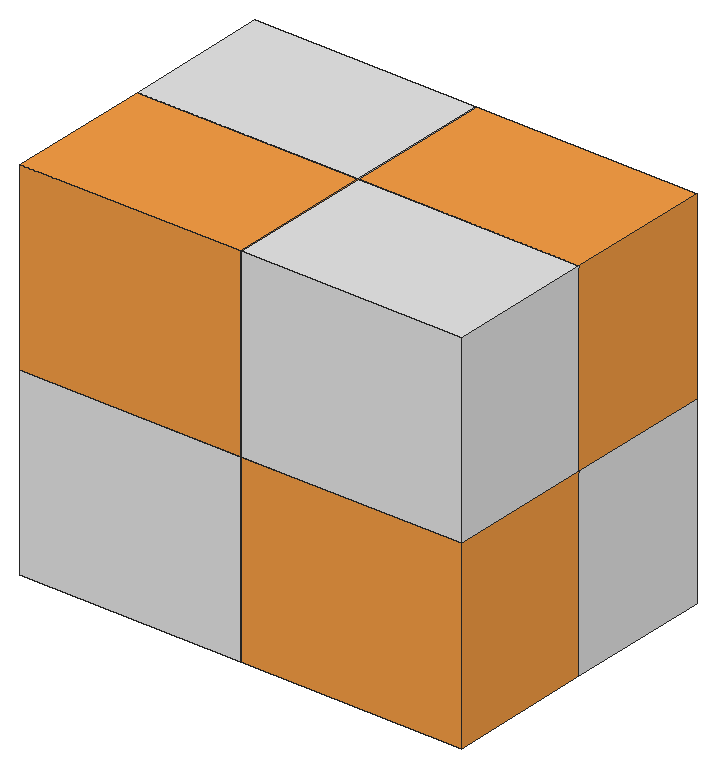
Revit family "DBU_GM_UN_Opening-SymbolicRectangular-MEPcontent_gen_BERSnl", category Generic Models, Revit 2022
Family settings
  Can host rebar = No
  Round Connector Dimension = Use Diameter
  Part Type = Normal
  Work Plane-Based = No
  Always vertical = No
  Cut with Voids When Loaded = No
  Maintain Annotation Orientation = No
  Shared = No
  Room Calculation Point = No
Parameters (values of type "Wall")
  Wall = yes
  Response [instance] = if(DBU_OpeningStatus = 0, "Request", if(DBU_OpeningStatus = 1, "Declined", if(DBU_OpeningStatus = 2, "Approved", if(DBU_OpeningStatus = 3, "Approved Drilling", if(DBU_OpeningStatus = 4, "On Hold", if(DBU_OpeningStatus = 5, "Executed", "Invalid"))))))  # "Request"
  Request [instance] = DBU_OpeningStatus = 0  # yes
  On Hold [instance] = DBU_OpeningStatus = 3  # no
  Not Drilling [instance] = yes
  Floor = not(Wall)  # no
  Execution Type [instance] = if(Not Drilling, "Not Drilling", "Drilling")  # "Not Drilling"
  Executed [instance] = DBU_OpeningStatus = 4  # no
  Drilling [instance] = not(Not Drilling)  # no
  Default Elevation = 0 mm
  Declined [instance] = DBU_OpeningStatus = 1  # no
  DBU_OpeningStatus [instance] = 0
  DBU_CTE_Zone [instance] = ""
  DBU_CTE_Z Value - Top [instance] = ""
  DBU_CTE_Z Value - Center [instance] = ""
  DBU_CTE_Z Coordinate Value [instance] = ""
  DBU_CTE_Opening Host Link [instance] = ""
  DBU_CTE_Opening Host Element [instance] = ""
  DBU_CTE_Opening Host Category [instance] = ""
  DBU_CTE_Level [instance] = ""
  DBU_CTE_ID [instance] = ""
  DBU_CTE_Discipline [instance] = ""
  DBU_CTE_Classificatie [instance] = ""
  DBU_CTE_BuildingPart [instance] = ""
  DBU_CLE_Width [instance] = 1200 mm
  DBU_CLE_Height [instance] = 1000 mm
  DBU_CLE_Depth [instance] = 800 mm
  Approved [instance] = DBU_OpeningStatus = 2  # no
Types (2, lengths in mm): name | Wall | Floor | DBU_CLE_Width | DBU_CLE_Height | DBU_CLE_Depth
  Floor | no | yes | 200 | 500 | 300
  Wall | yes | no | 1200 | 1000 | 800
Reference planes
  plane 1 "Center (Front/Back)": y = 0
  plane 2: z = 0
  plane 3 "Center (Left/Right)": x = 0
  plane 4: z = -500
  plane 5: z = -1000
Lines and regions (mm)
  model lines, style "InvisibleLines"
    curve 1: line (0, 0, -3326.002) -> (0, 0, 2500)
Dimensions and locks
  "DBU_CLE_Height": level to plane 5
  equal spacing: level, plane 4, plane 5
  aligned and locked: level to plane 2
  aligned and locked: curve 1 to plane 1 "Center (Front/Back)"
  aligned and locked: nested 2 to plane 3 "Center (Left/Right)"
  aligned and locked: plane 3 "Center (Left/Right)" to nested 3
  aligned and locked: nested 3 to plane 1 "Center (Front/Back)"
  aligned and locked: plane 3 "Center (Left/Right)" to nested 7
  aligned and locked: plane 1 "Center (Front/Back)" to nested 7
  aligned and locked: nested 8 to plane 3 "Center (Left/Right)"
  aligned and locked: nested 8 to plane 4
Automatic sketch dimensions
  curve 1 to plane 3 "Center (Left/Right)" = 0 mm
  curve 1 to plane 5 = 2326.002 mm
  level to curve 1 = 2500 mm
Nested families
  nested 1: "DBU_OpeningRectangular-Wall" at (0, 0, 0), Depth <- "DBU_CLE_Depth", Height <- "DBU_CLE_Height", Width <- "DBU_CLE_Width", visible <- "Wall", type "Wall"
    with Width 1200 mm, Request yes, RecessNeutral Color RGB 230-230-230, RecessDisplayMaterial none, OnHold no, Height 1000 mm, Executed no, Depth 800 mm, Declined no, ConstructorStatus 0, Approved no
  nested 2: "DBU_OpeningRectangular-Floor" at (0, 0, 0), Depth <- "DBU_CLE_Depth", Height <- "DBU_CLE_Height", Width <- "DBU_CLE_Width", visible <- "Floor", type "Floor"
    with Width 1200 mm, Request yes, RecessNeutral Color RGB 230-230-230, RecessDisplayMaterial none, OnHold no, Height 1000 mm, Executed no, Depth 800 mm, Declined no, ConstructorStatus 0, Approved no
  nested 3: "DBU_00_DI_WB_Opening Detail_gen_BERSnl" at (0, 0, 0) x (0, 1, 0) z (0, 0, 1), Length <- "DBU_CLE_Depth", Width <- "DBU_CLE_Width", visible <- "Wall", type "DBU_00_DI_WB_Opening Detail_gen_BERSnl"
    with Width 1200 mm, Length 800 mm
  nested 4: "DBU_00_DI_WB_Opening Detail_gen_BERSnl" at (0, 0, -500) x (0, 1, 0) z (1, 0, 0), Length <- "DBU_CLE_Depth", Width <- "DBU_CLE_Height", visible <- "Wall", type "DBU_00_DI_WB_Opening Detail_gen_BERSnl"
    with Width 1000 mm, Length 800 mm
  nested 5: "DBU_00_DI_WB_Opening Detail_gen_BERSnl" at (0, 0, -400) x (0, 1, 0) z (1, 0, 0), Length <- "DBU_CLE_Height", Width <- "DBU_CLE_Depth", visible <- "Floor", type "DBU_00_DI_WB_Opening Detail_gen_BERSnl"
    with Width 800 mm, Length 1000 mm
  nested 6: "DBU_00_DI_WB_Opening Detail_gen_BERSnl" at (0, 0, -400) x (1, 0, 0) z (0, -1, 0), visible <- "Floor", Length <- "DBU_CLE_Width", Width <- "DBU_CLE_Depth", type "DBU_00_DI_WB_Opening Detail_gen_BERSnl"
    with Width 800 mm, Length 1200 mm
  nested 7: "DBU_00_DI_UN_Opening Aanzicht - Rechthoekig_gen_BERSnl" at (0, 0, 0), visible <- "Floor", Height <- "DBU_CLE_Height", Length <- "DBU_CLE_Width", type "DBU_00_DI_UN_Opening Aanzicht_gen_BERSnl"
    with OpeningOffset 60 mm, OffsetMidden 200 mm, Length 1200 mm, Height 1000 mm
  nested 8: "DBU_00_DI_UN_Opening Aanzicht - Rechthoekig_gen_BERSnl" at (0, 0, -500) x (1, 0, 0) z (0, -1, 0), Height <- "DBU_CLE_Height", Length <- "DBU_CLE_Width", visible <- "Wall", type "DBU_00_DI_UN_Opening Aanzicht_gen_BERSnl"
    with OpeningOffset 60 mm, OffsetMidden 200 mm, Length 1200 mm, Height 1000 mm
Definition of nested family "DBU_OpeningRectangular-Wall"
  Parameters (values of type "Wall")
    Width [instance] = 1915.454 mm
    Request [instance] = not(or(Declined, Approved, OnHold, Executed))  # yes
    RecessNeutral [instance] = none
    RecessDisplayMaterial [instance] = none
    OnHold [instance] = ConstructorStatus = 3  # no
    Height [instance] = 304.8 mm
    Executed [instance] = ConstructorStatus = 4  # no
    Depth [instance] = 1954.727 mm
    Default Elevation = 1219.2 mm
    Declined [instance] = ConstructorStatus = 1  # no
    ConstructorStatus [instance] = 0
    Approved [instance] = ConstructorStatus = 2  # no
  Reference planes
    plane 1 "Center (Front/Back)": y = 0
    plane 2: z = 0
    plane 3 "Center (Left/Right)": x = 0
    plane 4: y = 977.363
    plane 5: x = 957.727
    plane 6: y = -977.363
    plane 7: x = -957.727
    plane 8: z = -304.8
    plane 9: z = -152.4
  Forms (mm)
    Extrusion 1, solid, material <- "RecessNeutral"
      sketch origin (0, 0, 0) x (1, 0, 0) y (0, 1, 0)
        loop
          line (-957.727, 0) -> (-957.727, -977.363) -> (0, -977.363) -> (0, 0) -> (-957.727, 0)
      from -304.8 to -152.4
    Extrusion 2, solid, visible <- "Request"
      sketch origin (0, 0, 0) x (1, 0, 0) y (0, 1, 0)
        loop
          line (0, 0) -> (0, -977.363) -> (957.727, -977.363) -> (957.727, 0) -> (0, 0)
      from -304.8 to -152.4
    Extrusion 3, solid, visible <- "Request"
      sketch origin (0, 0, 0) x (1, 0, 0) y (0, 1, 0)
        loop
          line (-957.727, 0) -> (-957.727, -977.363) -> (0, -977.363) -> (0, 0) -> (-957.727, 0)
      from -152.4 to 0
    Extrusion 4, solid, material <- "RecessNeutral"
      sketch origin (0, 0, 0) x (1, 0, 0) y (0, 1, 0)
        loop
          line (0, 0) -> (0, -977.363) -> (957.727, -977.363) -> (957.727, 0) -> (0, 0)
      from -152.4 to 0
    Extrusion 5, solid, visible <- "Request"
      sketch origin (0, 0, 0) x (1, 0, 0) y (0, 1, 0)
        loop
          line (-957.727, 977.363) -> (-957.727, 0) -> (0, 0) -> (0, 977.363) -> (-957.727, 977.363)
      from -304.8 to -152.4
    Extrusion 6, solid, material <- "RecessNeutral"
      sketch origin (0, 0, 0) x (1, 0, 0) y (0, 1, 0)
        loop
          line (0, 977.363) -> (0, 0) -> (957.727, 0) -> (957.727, 977.363) -> (0, 977.363)
      from -304.8 to -152.4
    Extrusion 7, solid, material <- "RecessNeutral"
      sketch origin (0, 0, 0) x (1, 0, 0) y (0, 1, 0)
        loop
          line (-957.727, 977.363) -> (-957.727, 0) -> (0, 0) -> (0, 977.363) -> (-957.727, 977.363)
      from -152.4 to 0
    Extrusion 8, solid, visible <- "Request"
      sketch origin (0, 0, 0) x (1, 0, 0) y (0, 1, 0)
        loop
          line (0, 977.363) -> (0, 0) -> (957.727, 0) -> (957.727, 977.363) -> (0, 977.363)
      from -152.4 to 0
    Extrusion 9, solid, visible <- "Declined"
      sketch origin (0, 0, 0) x (1, 0, 0) y (0, 1, 0)
        loop
          line (0, 0) -> (0, -977.363) -> (957.727, -977.363) -> (957.727, 0) -> (0, 0)
      from -304.8 to -152.4
    Extrusion 10, solid, visible <- "Declined"
      sketch origin (0, 0, 0) x (1, 0, 0) y (0, 1, 0)
        loop
          line (-957.727, 0) -> (-957.727, -977.363) -> (0, -977.363) -> (0, 0) -> (-957.727, 0)
      from -152.4 to 0
    Extrusion 11, solid, visible <- "Declined"
      sketch origin (0, 0, 0) x (1, 0, 0) y (0, 1, 0)
        loop
          line (-957.727, 977.363) -> (-957.727, 0) -> (0, 0) -> (0, 977.363) -> (-957.727, 977.363)
      from -304.8 to -152.4
    Extrusion 12, solid, visible <- "Declined"
      sketch origin (0, 0, 0) x (1, 0, 0) y (0, 1, 0)
        loop
          line (0, 977.363) -> (0, 0) -> (957.727, 0) -> (957.727, 977.363) -> (0, 977.363)
      from -152.4 to 0
    Extrusion 13, solid, visible <- "Approved"
      sketch origin (0, 0, 0) x (1, 0, 0) y (0, 1, 0)
        loop
          line (-957.727, 0) -> (-957.727, -977.363) -> (0, -977.363) -> (0, 0) -> (-957.727, 0)
      from -152.4 to 0
    Extrusion 14, solid, visible <- "Approved"
      sketch origin (0, 0, 0) x (1, 0, 0) y (0, 1, 0)
        loop
          line (0, 977.363) -> (0, 0) -> (957.727, 0) -> (957.727, 977.363) -> (0, 977.363)
      from -152.4 to 0
    Extrusion 15, solid, visible <- "Approved"
      sketch origin (0, 0, 0) x (1, 0, 0) y (0, 1, 0)
        loop
          line (0, 0) -> (0, -977.363) -> (957.727, -977.363) -> (957.727, 0) -> (0, 0)
      from -304.8 to -152.4
    Extrusion 16, solid, visible <- "Approved"
      sketch origin (0, 0, 0) x (1, 0, 0) y (0, 1, 0)
        loop
          line (-957.727, 977.363) -> (-957.727, 0) -> (0, 0) -> (0, 977.363) -> (-957.727, 977.363)
      from -304.8 to -152.4
    Extrusion 17, solid, visible <- "OnHold"
      sketch origin (0, 0, 0) x (1, 0, 0) y (0, 1, 0)
        loop
          line (-957.727, 0) -> (-957.727, -977.363) -> (0, -977.363) -> (0, 0) -> (-957.727, 0)
      from -152.4 to 0
    Extrusion 18, solid, visible <- "OnHold"
      sketch origin (0, 0, 0) x (1, 0, 0) y (0, 1, 0)
        loop
          line (0, 977.363) -> (0, 0) -> (957.727, 0) -> (957.727, 977.363) -> (0, 977.363)
      from -152.4 to 0
    Extrusion 19, solid, visible <- "OnHold"
      sketch origin (0, 0, 0) x (1, 0, 0) y (0, 1, 0)
        loop
          line (0, 0) -> (0, -977.363) -> (957.727, -977.363) -> (957.727, 0) -> (0, 0)
      from -304.8 to -152.4
    Extrusion 20, solid, visible <- "OnHold"
      sketch origin (0, 0, 0) x (1, 0, 0) y (0, 1, 0)
        loop
          line (-957.727, 977.363) -> (-957.727, 0) -> (0, 0) -> (0, 977.363) -> (-957.727, 977.363)
      from -304.8 to -152.4
    Extrusion 21, solid, visible <- "Executed"
      sketch origin (0, 0, 0) x (1, 0, 0) y (0, 1, 0)
        loop
          line (-957.727, 0) -> (-957.727, -977.363) -> (0, -977.363) -> (0, 0) -> (-957.727, 0)
      from -152.4 to 0
    Extrusion 22, solid, visible <- "Executed"
      sketch origin (0, 0, 0) x (1, 0, 0) y (0, 1, 0)
        loop
          line (0, 977.363) -> (0, 0) -> (957.727, 0) -> (957.727, 977.363) -> (0, 977.363)
      from -152.4 to 0
    Extrusion 23, solid, visible <- "Executed"
      sketch origin (0, 0, 0) x (1, 0, 0) y (0, 1, 0)
        loop
          line (0, 0) -> (0, -977.363) -> (957.727, -977.363) -> (957.727, 0) -> (0, 0)
      from -304.8 to -152.4
    Extrusion 24, solid, visible <- "Executed"
      sketch origin (0, 0, 0) x (1, 0, 0) y (0, 1, 0)
        loop
          line (-957.727, 977.363) -> (-957.727, 0) -> (0, 0) -> (0, 977.363) -> (-957.727, 977.363)
      from -304.8 to -152.4
  Dimensions and locks
    equal spacing: plane 7, plane 3 "Center (Left/Right)", plane 5
    "Width": plane 7 to plane 5
    equal spacing: plane 4, plane 1 "Center (Front/Back)", plane 6
    "Depth": plane 6 to plane 4
    "Height": level to plane 8
    equal spacing: level, plane 9, plane 8
    aligned and locked: level to plane 2
    aligned and locked: Extrusion 1 sketch curve to plane 7
    aligned and locked: Extrusion 1 sketch curve to plane 3 "Center (Left/Right)"
    aligned and locked: Extrusion 1 sketch curve to plane 6
    aligned and locked: Extrusion 1 to plane 8
    aligned and locked: plane 9 to Extrusion 1
    aligned and locked: plane 3 "Center (Left/Right)" to Extrusion 2 sketch curve
    aligned and locked: Extrusion 2 sketch curve to plane 6
    aligned and locked: Extrusion 2 sketch curve to plane 5
    aligned and locked: Extrusion 2 to plane 8
    aligned and locked: plane 9 to Extrusion 2
    aligned and locked: Extrusion 3 sketch curve to plane 7
    aligned and locked: Extrusion 3 sketch curve to plane 6
    aligned and locked: Extrusion 3 sketch curve to plane 3 "Center (Left/Right)"
    aligned and locked: Extrusion 3 to plane 9
    aligned and locked: level to Extrusion 3
    aligned and locked: plane 3 "Center (Left/Right)" to Extrusion 4 sketch curve
    aligned and locked: Extrusion 4 sketch curve to plane 6
    aligned and locked: Extrusion 4 sketch curve to plane 5
    aligned and locked: Extrusion 4 to plane 9
    aligned and locked: level to Extrusion 4
    aligned and locked: plane 1 "Center (Front/Back)" to Extrusion 3 sketch curve
    aligned and locked: plane 1 "Center (Front/Back)" to Extrusion 4 sketch curve
    aligned and locked: plane 1 "Center (Front/Back)" to Extrusion 2 sketch curve
    aligned and locked: plane 1 "Center (Front/Back)" to Extrusion 1 sketch curve
    aligned and locked: Extrusion 5 sketch curve to plane 4
    aligned and locked: Extrusion 5 sketch curve to plane 7
    aligned and locked: Extrusion 5 sketch curve to plane 1 "Center (Front/Back)"
    aligned and locked: Extrusion 5 sketch curve to plane 3 "Center (Left/Right)"
    aligned and locked: plane 3 "Center (Left/Right)" to Extrusion 6 sketch curve
    aligned and locked: Extrusion 6 sketch curve to plane 4
    aligned and locked: Extrusion 6 sketch curve to plane 5
    aligned and locked: Extrusion 6 sketch curve to plane 1 "Center (Front/Back)"
    aligned and locked: Extrusion 6 to plane 8
    aligned and locked: plane 9 to Extrusion 6
    aligned and locked: Extrusion 5 to plane 8
    aligned and locked: plane 9 to Extrusion 5
    aligned and locked: Extrusion 7 sketch curve to plane 7
    aligned and locked: Extrusion 7 sketch curve to plane 4
    aligned and locked: Extrusion 7 sketch curve to plane 3 "Center (Left/Right)"
    aligned and locked: Extrusion 7 sketch curve to plane 1 "Center (Front/Back)"
    aligned and locked: plane 3 "Center (Left/Right)" to Extrusion 8 sketch curve
    aligned and locked: Extrusion 8 sketch curve to plane 4
    aligned and locked: Extrusion 8 sketch curve to plane 5
    aligned and locked: Extrusion 8 sketch curve to plane 1 "Center (Front/Back)"
    aligned and locked: Extrusion 8 to plane 9
    aligned and locked: level to Extrusion 8
    aligned and locked: Extrusion 7 to plane 9
    aligned and locked: level to Extrusion 7
    aligned and locked: Extrusion 9 sketch curve to plane 5
    aligned and locked: plane 1 "Center (Front/Back)" to Extrusion 9 sketch curve
    aligned and locked: plane 3 "Center (Left/Right)" to Extrusion 9 sketch curve
    aligned and locked: Extrusion 9 sketch curve to plane 6
    aligned and locked: Extrusion 10 sketch curve to plane 7
    aligned and locked: plane 1 "Center (Front/Back)" to Extrusion 10 sketch curve
    aligned and locked: Extrusion 10 sketch curve to plane 3 "Center (Left/Right)"
    aligned and locked: Extrusion 10 sketch curve to plane 6
    aligned and locked: plane 3 "Center (Left/Right)" to Extrusion 12 sketch curve
    aligned and locked: Extrusion 12 sketch curve to plane 1 "Center (Front/Back)"
    aligned and locked: Extrusion 12 sketch curve to plane 5
    aligned and locked: Extrusion 12 sketch curve to plane 4
    aligned and locked: Extrusion 11 sketch curve to plane 7
    aligned and locked: Extrusion 11 sketch curve to plane 4
    aligned and locked: Extrusion 11 sketch curve to plane 3 "Center (Left/Right)"
    aligned and locked: Extrusion 11 sketch curve to plane 1 "Center (Front/Back)"
    aligned and locked: Extrusion 10 to plane 9
    aligned and locked: level to Extrusion 10
    aligned and locked: Extrusion 12 to plane 9
    aligned and locked: plane 8 to Extrusion 2
    aligned and locked: plane 2 to Extrusion 12
    aligned and locked: Extrusion 9 to plane 8
    aligned and locked: plane 9 to Extrusion 11
    aligned and locked: Extrusion 11 to plane 8
    aligned and locked: Extrusion 11 to plane 9  (x3)
    aligned and locked: Extrusion 10 to level  (x2)
    aligned and locked: plane 9 to Extrusion 9
    aligned and locked: plane 9 to Extrusion 10
    aligned and locked: plane 8 to Extrusion 11  (x2)
    aligned and locked: level to Extrusion 12
    aligned and locked: plane 9 to Extrusion 12
    aligned and locked: Extrusion 14 sketch curve to plane 1 "Center (Front/Back)"
    aligned and locked: plane 3 "Center (Left/Right)" to Extrusion 14 sketch curve
    aligned and locked: Extrusion 14 sketch curve to plane 4
    aligned and locked: Extrusion 14 sketch curve to plane 5
    aligned and locked: Extrusion 13 sketch curve to plane 7
    aligned and locked: Extrusion 13 sketch curve to plane 6
    aligned and locked: Extrusion 13 sketch curve to plane 3 "Center (Left/Right)"
    aligned and locked: plane 1 "Center (Front/Back)" to Extrusion 13 sketch curve
    aligned and locked: Extrusion 13 to plane 9
    aligned and locked: level to Extrusion 13
    aligned and locked: plane 9 to Extrusion 16
    aligned and locked: Extrusion 16 to plane 8
    aligned and locked: plane 9 to Extrusion 15
    aligned and locked: Extrusion 15 to plane 8
    aligned and locked: plane 3 "Center (Left/Right)" to Extrusion 15 sketch curve
    aligned and locked: plane 1 "Center (Front/Back)" to Extrusion 15 sketch curve
    aligned and locked: Extrusion 15 sketch curve to plane 5
    aligned and locked: Extrusion 15 sketch curve to plane 6
    aligned and locked: Extrusion 16 sketch curve to plane 7
    aligned and locked: Extrusion 16 sketch curve to plane 4
    aligned and locked: Extrusion 16 sketch curve to plane 3 "Center (Left/Right)"
    aligned and locked: Extrusion 16 sketch curve to plane 1 "Center (Front/Back)"
    aligned and locked: Extrusion 14 to plane 9
    aligned and locked: level to Extrusion 14
    aligned and locked: Extrusion 20 sketch curve to plane 7
    aligned and locked: Extrusion 20 sketch curve to plane 4
    aligned and locked: Extrusion 20 sketch curve to plane 3 "Center (Left/Right)"
    aligned and locked: Extrusion 20 sketch curve to plane 1 "Center (Front/Back)"
    aligned and locked: Extrusion 20 to plane 8
    aligned and locked: plane 9 to Extrusion 20
    aligned and locked: Extrusion 17 sketch curve to plane 7
    aligned and locked: plane 1 "Center (Front/Back)" to Extrusion 17 sketch curve
    aligned and locked: Extrusion 17 sketch curve to plane 3 "Center (Left/Right)"
    aligned and locked: Extrusion 17 sketch curve to plane 6
    aligned and locked: Extrusion 17 to plane 9
    aligned and locked: level to Extrusion 17
    aligned and locked: plane 3 "Center (Left/Right)" to Extrusion 19 sketch curve
    aligned and locked: plane 1 "Center (Front/Back)" to Extrusion 19 sketch curve
    aligned and locked: Extrusion 19 sketch curve to plane 5
    aligned and locked: Extrusion 19 sketch curve to plane 6
    aligned and locked: Extrusion 19 to plane 8
    aligned and locked: plane 9 to Extrusion 19
    aligned and locked: plane 3 "Center (Left/Right)" to Extrusion 18 sketch curve
    aligned and locked: Extrusion 18 sketch curve to plane 4
    aligned and locked: Extrusion 18 sketch curve to plane 5
    aligned and locked: Extrusion 18 sketch curve to plane 1 "Center (Front/Back)"
    aligned and locked: Extrusion 18 to plane 9
    aligned and locked: level to Extrusion 18
    aligned and locked: Extrusion 21 sketch curve to plane 7
    aligned and locked: Extrusion 21 sketch curve to plane 6
    aligned and locked: plane 1 "Center (Front/Back)" to Extrusion 21 sketch curve
    aligned and locked: Extrusion 21 sketch curve to plane 3 "Center (Left/Right)"
    aligned and locked: Extrusion 21 to plane 9
    aligned and locked: level to Extrusion 21
    aligned and locked: plane 3 "Center (Left/Right)" to Extrusion 23 sketch curve
    aligned and locked: Extrusion 23 sketch curve to plane 5
    aligned and locked: Extrusion 23 sketch curve to plane 6
    aligned and locked: plane 1 "Center (Front/Back)" to Extrusion 23 sketch curve
    aligned and locked: plane 9 to Extrusion 23
    aligned and locked: Extrusion 23 to plane 8
    aligned and locked: plane 3 "Center (Left/Right)" to Extrusion 22 sketch curve
    aligned and locked: Extrusion 22 sketch curve to plane 1 "Center (Front/Back)"
    aligned and locked: Extrusion 22 sketch curve to plane 5
    aligned and locked: Extrusion 22 sketch curve to plane 4
    aligned and locked: Extrusion 22 to plane 9
    aligned and locked: level to Extrusion 22
    aligned and locked: Extrusion 24 sketch curve to plane 7
    aligned and locked: Extrusion 24 sketch curve to plane 4
    aligned and locked: Extrusion 24 sketch curve to plane 3 "Center (Left/Right)"
    aligned and locked: Extrusion 24 sketch curve to plane 1 "Center (Front/Back)"
    aligned and locked: plane 9 to Extrusion 24
    aligned and locked: Extrusion 24 to plane 8
Definition of nested family "DBU_OpeningRectangular-Floor"
  Parameters (values of type "Floor")
    Width [instance] = 1915.454 mm
    Request [instance] = not(or(Declined, Approved, OnHold, Executed))  # yes
    RecessNeutral [instance] = none
    RecessDisplayMaterial [instance] = none
    OnHold [instance] = ConstructorStatus = 3  # no
    Height [instance] = 304.8 mm
    Executed [instance] = ConstructorStatus = 4  # no
    Depth [instance] = 1954.727 mm
    Default Elevation = 1219.2 mm
    Declined [instance] = ConstructorStatus = 1  # no
    ConstructorStatus [instance] = 0
    Approved [instance] = ConstructorStatus = 2  # no
  Reference planes
    plane 1 "Center (Front/Back)": y = 0
    plane 2: z = 0
    plane 3 "Center (Left/Right)": x = 0
    plane 4: y = 152.4
    plane 5: x = 957.727
    plane 6: y = -152.4
    plane 7: x = -957.727
    plane 8: z = -1954.727
    plane 9: z = -977.363
  Forms (mm)
    Extrusion 1, solid, material <- "RecessNeutral"
      sketch origin (0, 0, 0) x (1, 0, 0) y (0, 1, 0)
        loop
          line (-957.727, 0) -> (-957.727, -152.4) -> (0, -152.4) -> (0, 0) -> (-957.727, 0)
      from -1954.727 to -977.363
    Extrusion 2, solid, visible <- "Request"
      sketch origin (0, 0, 0) x (1, 0, 0) y (0, 1, 0)
        loop
          line (0, 0) -> (0, -152.4) -> (957.727, -152.4) -> (957.727, 0) -> (0, 0)
      from -1954.727 to -977.363
    Extrusion 3, solid, visible <- "Request"
      sketch origin (0, 0, 0) x (1, 0, 0) y (0, 1, 0)
        loop
          line (-957.727, 0) -> (-957.727, -152.4) -> (0, -152.4) -> (0, 0) -> (-957.727, 0)
      from -977.363 to 0
    Extrusion 4, solid, material <- "RecessNeutral"
      sketch origin (0, 0, 0) x (1, 0, 0) y (0, 1, 0)
        loop
          line (0, 0) -> (0, -152.4) -> (957.727, -152.4) -> (957.727, 0) -> (0, 0)
      from -977.363 to 0
    Extrusion 5, solid, visible <- "Request"
      sketch origin (0, 0, 0) x (1, 0, 0) y (0, 1, 0)
        loop
          line (-957.727, 152.4) -> (-957.727, 0) -> (0, 0) -> (0, 152.4) -> (-957.727, 152.4)
      from -1954.727 to -977.363
    Extrusion 6, solid, material <- "RecessNeutral"
      sketch origin (0, 0, 0) x (1, 0, 0) y (0, 1, 0)
        loop
          line (0, 152.4) -> (0, 0) -> (957.727, 0) -> (957.727, 152.4) -> (0, 152.4)
      from -1954.727 to -977.363
    Extrusion 7, solid, material <- "RecessNeutral"
      sketch origin (0, 0, 0) x (1, 0, 0) y (0, 1, 0)
        loop
          line (-957.727, 152.4) -> (-957.727, 0) -> (0, 0) -> (0, 152.4) -> (-957.727, 152.4)
      from -977.363 to 0
    Extrusion 8, solid, visible <- "Request"
      sketch origin (0, 0, 0) x (1, 0, 0) y (0, 1, 0)
        loop
          line (0, 152.4) -> (0, 0) -> (957.727, 0) -> (957.727, 152.4) -> (0, 152.4)
      from -977.363 to 0
    Extrusion 9, solid, visible <- "Declined"
      sketch origin (0, 0, 0) x (1, 0, 0) y (0, 1, 0)
        loop
          line (0, 0) -> (0, -152.4) -> (957.727, -152.4) -> (957.727, 0) -> (0, 0)
      from -1954.727 to -977.363
    Extrusion 10, solid, visible <- "Declined"
      sketch origin (0, 0, 0) x (1, 0, 0) y (0, 1, 0)
        loop
          line (-957.727, 0) -> (-957.727, -152.4) -> (0, -152.4) -> (0, 0) -> (-957.727, 0)
      from -977.363 to 0
    Extrusion 11, solid, visible <- "Declined"
      sketch origin (0, 0, 0) x (1, 0, 0) y (0, 1, 0)
        loop
          line (-957.727, 152.4) -> (-957.727, 0) -> (0, 0) -> (0, 152.4) -> (-957.727, 152.4)
      from -1954.727 to -977.363
    Extrusion 12, solid, visible <- "Declined"
      sketch origin (0, 0, 0) x (1, 0, 0) y (0, 1, 0)
        loop
          line (0, 152.4) -> (0, 0) -> (957.727, 0) -> (957.727, 152.4) -> (0, 152.4)
      from -977.363 to 0
    Extrusion 13, solid, visible <- "Approved"
      sketch origin (0, 0, 0) x (1, 0, 0) y (0, 1, 0)
        loop
          line (-957.727, 0) -> (-957.727, -152.4) -> (0, -152.4) -> (0, 0) -> (-957.727, 0)
      from -977.363 to 0
    Extrusion 14, solid, visible <- "Approved"
      sketch origin (0, 0, 0) x (1, 0, 0) y (0, 1, 0)
        loop
          line (0, 152.4) -> (0, 0) -> (957.727, 0) -> (957.727, 152.4) -> (0, 152.4)
      from -977.363 to 0
    Extrusion 15, solid, visible <- "Approved"
      sketch origin (0, 0, 0) x (1, 0, 0) y (0, 1, 0)
        loop
          line (0, 0) -> (0, -152.4) -> (957.727, -152.4) -> (957.727, 0) -> (0, 0)
      from -1954.727 to -977.363
    Extrusion 16, solid, visible <- "Approved"
      sketch origin (0, 0, 0) x (1, 0, 0) y (0, 1, 0)
        loop
          line (-957.727, 152.4) -> (-957.727, 0) -> (0, 0) -> (0, 152.4) -> (-957.727, 152.4)
      from -1954.727 to -977.363
    Extrusion 17, solid, visible <- "OnHold"
      sketch origin (0, 0, 0) x (1, 0, 0) y (0, 1, 0)
        loop
          line (-957.727, 0) -> (-957.727, -152.4) -> (0, -152.4) -> (0, 0) -> (-957.727, 0)
      from -977.363 to 0
    Extrusion 18, solid, visible <- "OnHold"
      sketch origin (0, 0, 0) x (1, 0, 0) y (0, 1, 0)
        loop
          line (0, 152.4) -> (0, 0) -> (957.727, 0) -> (957.727, 152.4) -> (0, 152.4)
      from -977.363 to 0
    Extrusion 19, solid, visible <- "OnHold"
      sketch origin (0, 0, 0) x (1, 0, 0) y (0, 1, 0)
        loop
          line (0, 0) -> (0, -152.4) -> (957.727, -152.4) -> (957.727, 0) -> (0, 0)
      from -1954.727 to -977.363
    Extrusion 20, solid, visible <- "OnHold"
      sketch origin (0, 0, 0) x (1, 0, 0) y (0, 1, 0)
        loop
          line (-957.727, 152.4) -> (-957.727, 0) -> (0, 0) -> (0, 152.4) -> (-957.727, 152.4)
      from -1954.727 to -977.363
    Extrusion 21, solid, visible <- "Executed"
      sketch origin (0, 0, 0) x (1, 0, 0) y (0, 1, 0)
        loop
          line (-957.727, 0) -> (-957.727, -152.4) -> (0, -152.4) -> (0, 0) -> (-957.727, 0)
      from -977.363 to 0
    Extrusion 22, solid, visible <- "Executed"
      sketch origin (0, 0, 0) x (1, 0, 0) y (0, 1, 0)
        loop
          line (0, 152.4) -> (0, 0) -> (957.727, 0) -> (957.727, 152.4) -> (0, 152.4)
      from -977.363 to 0
    Extrusion 23, solid, visible <- "Executed"
      sketch origin (0, 0, 0) x (1, 0, 0) y (0, 1, 0)
        loop
          line (0, 0) -> (0, -152.4) -> (957.727, -152.4) -> (957.727, 0) -> (0, 0)
      from -1954.727 to -977.363
    Extrusion 24, solid, visible <- "Executed"
      sketch origin (0, 0, 0) x (1, 0, 0) y (0, 1, 0)
        loop
          line (-957.727, 152.4) -> (-957.727, 0) -> (0, 0) -> (0, 152.4) -> (-957.727, 152.4)
      from -1954.727 to -977.363
  Dimensions and locks
    equal spacing: plane 7, plane 3 "Center (Left/Right)", plane 5
    "Width": plane 7 to plane 5
    equal spacing: plane 4, plane 1 "Center (Front/Back)", plane 6
    "Height": plane 6 to plane 4
    "Depth": level to plane 8
    equal spacing: level, plane 9, plane 8
    aligned and locked: level to plane 2
    aligned and locked: Extrusion 1 sketch curve to plane 7
    aligned and locked: Extrusion 1 sketch curve to plane 3 "Center (Left/Right)"
    aligned and locked: Extrusion 1 sketch curve to plane 6
    aligned and locked: Extrusion 1 to plane 8
    aligned and locked: plane 9 to Extrusion 1
    aligned and locked: plane 3 "Center (Left/Right)" to Extrusion 2 sketch curve
    aligned and locked: Extrusion 2 sketch curve to plane 6
    aligned and locked: Extrusion 2 sketch curve to plane 5
    aligned and locked: Extrusion 2 to plane 8
    aligned and locked: plane 9 to Extrusion 2
    aligned and locked: Extrusion 3 sketch curve to plane 7
    aligned and locked: Extrusion 3 sketch curve to plane 6
    aligned and locked: Extrusion 3 sketch curve to plane 3 "Center (Left/Right)"
    aligned and locked: Extrusion 3 to plane 9
    aligned and locked: level to Extrusion 3
    aligned and locked: plane 3 "Center (Left/Right)" to Extrusion 4 sketch curve
    aligned and locked: Extrusion 4 sketch curve to plane 6
    aligned and locked: Extrusion 4 sketch curve to plane 5
    aligned and locked: Extrusion 4 to plane 9
    aligned and locked: level to Extrusion 4
    aligned and locked: plane 1 "Center (Front/Back)" to Extrusion 3 sketch curve
    aligned and locked: plane 1 "Center (Front/Back)" to Extrusion 4 sketch curve
    aligned and locked: plane 1 "Center (Front/Back)" to Extrusion 2 sketch curve
    aligned and locked: plane 1 "Center (Front/Back)" to Extrusion 1 sketch curve
    aligned and locked: Extrusion 5 sketch curve to plane 4
    aligned and locked: Extrusion 5 sketch curve to plane 7
    aligned and locked: Extrusion 5 sketch curve to plane 1 "Center (Front/Back)"
    aligned and locked: Extrusion 5 sketch curve to plane 3 "Center (Left/Right)"
    aligned and locked: plane 3 "Center (Left/Right)" to Extrusion 6 sketch curve
    aligned and locked: Extrusion 6 sketch curve to plane 4
    aligned and locked: Extrusion 6 sketch curve to plane 5
    aligned and locked: Extrusion 6 sketch curve to plane 1 "Center (Front/Back)"
    aligned and locked: Extrusion 6 to plane 8
    aligned and locked: plane 9 to Extrusion 6
    aligned and locked: Extrusion 5 to plane 8
    aligned and locked: plane 9 to Extrusion 5
    aligned and locked: Extrusion 7 sketch curve to plane 7
    aligned and locked: Extrusion 7 sketch curve to plane 4
    aligned and locked: Extrusion 7 sketch curve to plane 3 "Center (Left/Right)"
    aligned and locked: Extrusion 7 sketch curve to plane 1 "Center (Front/Back)"
    aligned and locked: plane 3 "Center (Left/Right)" to Extrusion 8 sketch curve
    aligned and locked: Extrusion 8 sketch curve to plane 4
    aligned and locked: Extrusion 8 sketch curve to plane 5
    aligned and locked: Extrusion 8 sketch curve to plane 1 "Center (Front/Back)"
    aligned and locked: Extrusion 8 to plane 9
    aligned and locked: level to Extrusion 8
    aligned and locked: Extrusion 7 to plane 9
    aligned and locked: level to Extrusion 7
    aligned and locked: Extrusion 9 sketch curve to plane 5
    aligned and locked: plane 1 "Center (Front/Back)" to Extrusion 9 sketch curve
    aligned and locked: plane 3 "Center (Left/Right)" to Extrusion 9 sketch curve
    aligned and locked: Extrusion 9 sketch curve to plane 6
    aligned and locked: Extrusion 10 sketch curve to plane 7
    aligned and locked: plane 1 "Center (Front/Back)" to Extrusion 10 sketch curve
    aligned and locked: Extrusion 10 sketch curve to plane 3 "Center (Left/Right)"
    aligned and locked: Extrusion 10 sketch curve to plane 6
    aligned and locked: plane 3 "Center (Left/Right)" to Extrusion 12 sketch curve
    aligned and locked: Extrusion 12 sketch curve to plane 1 "Center (Front/Back)"
    aligned and locked: Extrusion 12 sketch curve to plane 5
    aligned and locked: Extrusion 12 sketch curve to plane 4
    aligned and locked: Extrusion 11 sketch curve to plane 7
    aligned and locked: Extrusion 11 sketch curve to plane 4
    aligned and locked: Extrusion 11 sketch curve to plane 3 "Center (Left/Right)"
    aligned and locked: Extrusion 11 sketch curve to plane 1 "Center (Front/Back)"
    aligned and locked: Extrusion 10 to plane 9
    aligned and locked: level to Extrusion 10
    aligned and locked: Extrusion 12 to plane 9
    aligned and locked: plane 8 to Extrusion 2
    aligned and locked: plane 2 to Extrusion 12
    aligned and locked: Extrusion 9 to plane 8
    aligned and locked: plane 9 to Extrusion 11
    aligned and locked: Extrusion 11 to plane 8
    aligned and locked: Extrusion 11 to plane 9  (x3)
    aligned and locked: Extrusion 10 to level  (x2)
    aligned and locked: plane 9 to Extrusion 9
    aligned and locked: plane 9 to Extrusion 10
    aligned and locked: plane 8 to Extrusion 11  (x2)
    aligned and locked: level to Extrusion 12
    aligned and locked: plane 9 to Extrusion 12
    aligned and locked: Extrusion 14 sketch curve to plane 1 "Center (Front/Back)"
    aligned and locked: plane 3 "Center (Left/Right)" to Extrusion 14 sketch curve
    aligned and locked: Extrusion 14 sketch curve to plane 4
    aligned and locked: Extrusion 14 sketch curve to plane 5
    aligned and locked: Extrusion 13 sketch curve to plane 7
    aligned and locked: Extrusion 13 sketch curve to plane 6
    aligned and locked: Extrusion 13 sketch curve to plane 3 "Center (Left/Right)"
    aligned and locked: plane 1 "Center (Front/Back)" to Extrusion 13 sketch curve
    aligned and locked: Extrusion 13 to plane 9
    aligned and locked: level to Extrusion 13
    aligned and locked: plane 9 to Extrusion 16
    aligned and locked: Extrusion 16 to plane 8
    aligned and locked: plane 9 to Extrusion 15
    aligned and locked: Extrusion 15 to plane 8
    aligned and locked: plane 3 "Center (Left/Right)" to Extrusion 15 sketch curve
    aligned and locked: plane 1 "Center (Front/Back)" to Extrusion 15 sketch curve
    aligned and locked: Extrusion 15 sketch curve to plane 5
    aligned and locked: Extrusion 15 sketch curve to plane 6
    aligned and locked: Extrusion 16 sketch curve to plane 7
    aligned and locked: Extrusion 16 sketch curve to plane 4
    aligned and locked: Extrusion 16 sketch curve to plane 3 "Center (Left/Right)"
    aligned and locked: Extrusion 16 sketch curve to plane 1 "Center (Front/Back)"
    aligned and locked: Extrusion 14 to plane 9
    aligned and locked: level to Extrusion 14
    aligned and locked: Extrusion 20 sketch curve to plane 7
    aligned and locked: Extrusion 20 sketch curve to plane 4
    aligned and locked: Extrusion 20 sketch curve to plane 3 "Center (Left/Right)"
    aligned and locked: Extrusion 20 sketch curve to plane 1 "Center (Front/Back)"
    aligned and locked: Extrusion 20 to plane 8
    aligned and locked: plane 9 to Extrusion 20
    aligned and locked: Extrusion 17 sketch curve to plane 7
    aligned and locked: plane 1 "Center (Front/Back)" to Extrusion 17 sketch curve
    aligned and locked: Extrusion 17 sketch curve to plane 3 "Center (Left/Right)"
    aligned and locked: Extrusion 17 sketch curve to plane 6
    aligned and locked: Extrusion 17 to plane 9
    aligned and locked: level to Extrusion 17
    aligned and locked: plane 3 "Center (Left/Right)" to Extrusion 19 sketch curve
    aligned and locked: plane 1 "Center (Front/Back)" to Extrusion 19 sketch curve
    aligned and locked: Extrusion 19 sketch curve to plane 5
    aligned and locked: Extrusion 19 sketch curve to plane 6
    aligned and locked: Extrusion 19 to plane 8
    aligned and locked: plane 9 to Extrusion 19
    aligned and locked: plane 3 "Center (Left/Right)" to Extrusion 18 sketch curve
    aligned and locked: Extrusion 18 sketch curve to plane 4
    aligned and locked: Extrusion 18 sketch curve to plane 5
    aligned and locked: Extrusion 18 sketch curve to plane 1 "Center (Front/Back)"
    aligned and locked: Extrusion 18 to plane 9
    aligned and locked: level to Extrusion 18
    aligned and locked: Extrusion 21 sketch curve to plane 7
    aligned and locked: Extrusion 21 sketch curve to plane 6
    aligned and locked: plane 1 "Center (Front/Back)" to Extrusion 21 sketch curve
    aligned and locked: Extrusion 21 sketch curve to plane 3 "Center (Left/Right)"
    aligned and locked: Extrusion 21 to plane 9
    aligned and locked: level to Extrusion 21
    aligned and locked: plane 3 "Center (Left/Right)" to Extrusion 23 sketch curve
    aligned and locked: Extrusion 23 sketch curve to plane 5
    aligned and locked: Extrusion 23 sketch curve to plane 6
    aligned and locked: plane 1 "Center (Front/Back)" to Extrusion 23 sketch curve
    aligned and locked: plane 9 to Extrusion 23
    aligned and locked: Extrusion 23 to plane 8
    aligned and locked: plane 3 "Center (Left/Right)" to Extrusion 22 sketch curve
    aligned and locked: Extrusion 22 sketch curve to plane 1 "Center (Front/Back)"
    aligned and locked: Extrusion 22 sketch curve to plane 5
    aligned and locked: Extrusion 22 sketch curve to plane 4
    aligned and locked: Extrusion 22 to plane 9
    aligned and locked: level to Extrusion 22
    aligned and locked: Extrusion 24 sketch curve to plane 7
    aligned and locked: Extrusion 24 sketch curve to plane 4
    aligned and locked: Extrusion 24 sketch curve to plane 3 "Center (Left/Right)"
    aligned and locked: Extrusion 24 sketch curve to plane 1 "Center (Front/Back)"
    aligned and locked: plane 9 to Extrusion 24
    aligned and locked: Extrusion 24 to plane 8
Definition of nested family "DBU_00_DI_WB_Opening Detail_gen_BERSnl"
  Parameters (values of type "DBU_00_DI_WB_Opening Detail_gen_BERSnl")
    Width [instance] = 500 mm
    Length [instance] = 1200 mm
  Reference planes
    plane 1 "Center (Front/Back)": y = 0
    plane 2: z = 0
    plane 3 "Center (Left/Right)": x = 0
    plane 4: x = -600
    plane 5: y = 250
    plane 6: x = 600
    plane 7: y = -250
  Lines and regions (mm)
    detail lines, in view "Ref. Level"
      curve 1: line (-600, -250, 0) -> (-600, 250, 0)
      curve 2: line (-600, 250, 0) -> (600, 250, 0)
      curve 3: line (600, 250, 0) -> (600, -250, 0)
      curve 4: line (600, -250, 0) -> (-600, -250, 0)
      curve 5: line (-600, -250, 0) -> (600, 250, 0)
      curve 6: line (-600, 250, 0) -> (600, -250, 0)
  Dimensions and locks
    equal spacing: plane 5, plane 1 "Center (Front/Back)", plane 7
    "Width": plane 5 to plane 7
    equal spacing: plane 4, plane 3 "Center (Left/Right)", plane 6
    "Length": plane 4 to plane 6
    aligned and locked: curve 1 to plane 4
    aligned and locked: curve 2 to plane 5
    aligned and locked: curve 3 to plane 6
    aligned and locked: plane 7 to curve 4
Definition of nested family "DBU_00_DI_UN_Opening Aanzicht - Rechthoekig_gen_BERSnl"
  Parameters (values of type "DBU_00_DI_UN_Opening Aanzicht_gen_BERSnl")
    OpeningOffset [instance] = Length / 20  # 109.5 mm
    OffsetMidden [instance] = Height / 5  # 202.8 mm
    Length [instance] = 2190 mm
    Height [instance] = 1014 mm
  Reference planes
    plane 1 "Center (Front/Back)": y = 0
    plane 2: z = 0
    plane 3 "Center (Left/Right)": x = 0
    plane 4: y = 507
    plane 5: x = 1095
    plane 6: y = -507
    plane 7: x = -1095
    plane 8: x = -985.5
    plane 9: x = 985.5
    plane 10: y = 397.5
    plane 11: y = -397.5
    plane 12: y = 194.7
    plane 13: x = -782.7
  Lines and regions (mm)
    Filled region 1, type "DBU_Solid_RGB_192-192-192", in view "Ref. Level"
      outline origin (0, 0, 0) x (1, 0, 0) y (0, 1, 0)
        loop
          line (-985.5, -397.5) -> (-782.7, 194.7) -> (985.5, 397.5) -> (-985.5, 397.5) -> (-985.5, -397.5)
  Dimensions and locks
    equal spacing: plane 7, plane 3 "Center (Left/Right)", plane 5
    "Length": plane 7 to plane 5
    equal spacing: plane 6, plane 1 "Center (Front/Back)", plane 4
    "Height": plane 6 to plane 4
    "OpeningOffset": plane 7 to plane 8
    "OpeningOffset": plane 9 to plane 5
    "OpeningOffset": plane 6 to plane 11
    "OpeningOffset": plane 4 to plane 10
    "OffsetMidden": plane 10 to plane 12
    "OffsetMidden": plane 8 to plane 13
    aligned and locked: Filled region 1 sketch curve to plane 8
    aligned and locked: Filled region 1 sketch curve to plane 10
    aligned and locked: plane 9 to Filled region 1 sketch curve
    aligned and locked: plane 11 to Filled region 1 sketch curve
    aligned and locked: plane 12 to Filled region 1 sketch curve
    aligned and locked: plane 13 to Filled region 1 sketch curve
